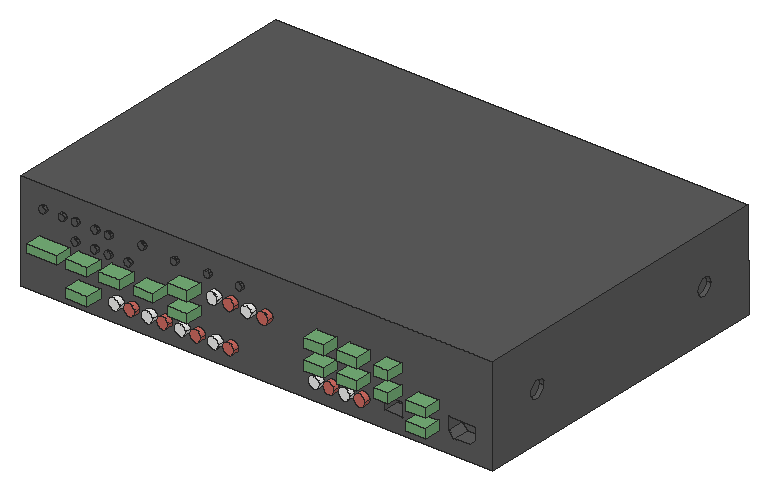
Revit family "Electronics_Commercial-Audio_Biamp_Stereo-Preamplifier_PREZONE-2", category Communication Devices, host Face, Revit 2020
Family settings
  Host = Face
  Maintain Annotation Orientation = No
  Round Connector Dimension = Use Diameter
  Part Type = Normal
  OmniClass Number = 23.85.10.11.14
  OmniClass Title = Audio Equipment
  Cut with Voids When Loaded = No
  Shared = No
  Room Calculation Point = No
Parameters (values of type "PREZONE2")
  Width = 1' - 4.92913"  # constant formula
  Weight = 8.60 lbf  # constant formula
  Voltage = 120 V  # constant formula
  VOX mute = "Yes"  # constant formula
  URL = "https://www.biamp.com/"
  Tone control = "Yes"  # constant formula
  Temperature Range = "32 - 104° F (0 – 40° C)"  # constant formula
  Source selection per zone = "Yes"  # constant formula
  Ref Line Offset [instance] = if(Rack Mount, 0' 9 59/64", 0' 0")  # 0' - 0"
  Rack Mount [instance] = no
  RS232 = "115200/8-N-1"  # constant formula
  Product data url = "https://www.bimobject.com/biamp/product/prezone2_commercial-audio-preamplifier"
  Product Page URL = "https://www.biamp.com/products/product-families/commercial-audio/pre-amplifiers#prezone2"
  Product Documentation Link = "https://downloads.biamp.com/assets/docs/default-source/data-sheets/biamp_data_sheet_prezone2_mar21.pdf"
  Priority intup contact = "Yes"  # constant formula
  Prioriti levels = "4"  # constant formula
  Power Factor = 1  # constant formula
  Music level control = "Yes"  # constant formula
  Model = "PREZONE2"  # constant formula
  Max Power Consumption = 60 W  # constant formula
  Manufacturer = "Biamp"  # constant formula
  MIC level control = "Yes"  # constant formula
  MIC inputs balanced = "2"  # constant formula
  Line input unbalanced = "2"  # constant formula
  Humidity = "0-95% relative humidity (non-condensing)"  # constant formula
  Housing Material = Biamp - Metal - Black
  Height = 0' - 3.50394"  # constant formula
  Frequency response (in Hz) = "20 Hz - 20 kHz"  # constant formula
  Emergency input = "Yes"  # constant formula
  Compliance = "FCC Part 15B (USA)\r\nUL listed (USA and Canada)\r\nCE Marked (Europe)\r\nRoHS Directive (Europe)"  # constant formula
  Colling = "Convection"  # constant formula
  Coasters for surface standing [instance] = not(Rack Mount)  # yes
  Description = "PREZONE2 Stereo Preamplifier"  # constant formula
  Depth = 0' - 11.41732"  # constant formula
  Default Elevation = 4' - 0"
  Connector Description = "250V DC 60W"  # constant formula
  Apparent Load = Max Power Consumption / Power Factor  # 60 VA
  Angle [instance] = if(Rack Mount, 0.00°, 90.00°)  # 90.00°
  Altitude = "0-6,600 ft (0-2000m) MSL"  # constant formula
Reference planes (in)
  plane 1 "Center (Front/Back)": y = 0
  plane 2: z = 0
  plane 3 "Center (Left/Right)": x = 0
Lines and regions (in)
  reference lines
    curve 1: line (0, -6, 0) -> (0, 0, 0)
Dimensions and locks (in)
  "Ref Line Offset": nested 1 to curve 1
  "Angle": angle plane 1 "Center (Front/Back)" to curve 1
  aligned and locked: plane 2 to host face
  aligned and locked: level to host face
  aligned and locked: plane 1 "Center (Front/Back)" to curve 1
Automatic sketch dimensions
  host sketch curve to host sketch curve = 8' - 0"  (x2)
  curve 1 to level = 0' - 0"
Nested families (in)
  nested 1: "PREZONE-2" at (0, -5.7036, 0) x (-1, 0, 0) z (0, 0, 1), Housing Material <- "Housing Material", Rack Mount <- "Rack Mount", Coasters for surface standing <- "Coasters for surface standing", type "PREZONE-2"
    with Rack Mount no, Housing Material Biamp - Metal - Black, Coasters for surface standing yes
Connectors (in)
  electrical at (-4.94979, -11.60911, 1.11241)
    settings: on nested 1, index 20, voltage 0 V, apparent load 0 VA, apparent load phase1 0 VA, apparent load phase2 0 VA, apparent load phase3 0 VA, power factor 1, load classification "Other", number of poles 1, system type 5, power factor state 1, is connector primary yes, connector utility no, sub classification motor no, connector description "MIC A L; Input"
  electrical at (-7.23425, -12.00281, 2.08404)
    settings: on nested 1, index 26, voltage 0 V, apparent load 0 VA, apparent load phase1 0 VA, apparent load phase2 0 VA, apparent load phase3 0 VA, power factor 1, load classification "Other", number of poles 1, system type 5, power factor state 1, is connector primary no, connector utility no, sub classification motor no, connector description "Euroblock Emergency; Input"
  electrical at (-5.97864, -12.00281, 2.08404)
    settings: on nested 1, index 27, voltage 0 V, apparent load 0 VA, apparent load phase1 0 VA, apparent load phase2 0 VA, apparent load phase3 0 VA, power factor 1, load classification "Other", number of poles 1, system type 5, power factor state 1, is connector primary no, connector utility no, sub classification motor no, connector description "Euroblock Paging Mic; Input"
  electrical at (-4.7975, -12.00281, 2.09526)
    settings: on nested 1, index 28, voltage 0 V, apparent load 0 VA, apparent load phase1 0 VA, apparent load phase2 0 VA, apparent load phase3 0 VA, power factor 1, load classification "Other", number of poles 1, system type 5, power factor state 1, is connector primary no, connector utility no, sub classification motor no, connector description "Euroblock MIC A Balanced/RCA; Input"
  electrical at (-3.57874, -12.00281, 2.08404)
    settings: on nested 1, index 29, voltage 0 V, apparent load 0 VA, apparent load phase1 0 VA, apparent load phase2 0 VA, apparent load phase3 0 VA, power factor 1, load classification "Other", number of poles 1, system type 5, power factor state 1, is connector primary no, connector utility no, sub classification motor no, connector description "Euroblock MIC B Balanced/RCA; Input"
  electrical at (-2.36753, -12.00281, 2.57226)
    settings: on nested 1, index 30, voltage 0 V, apparent load 0 VA, apparent load phase1 0 VA, apparent load phase2 0 VA, apparent load phase3 0 VA, power factor 1, load classification "Other", number of poles 1, system type 5, power factor state 1, is connector primary no, connector utility no, sub classification motor no, connector description "Euroblock RCA connectors ; Input"
  electrical at (-2.36753, -12.00281, 1.84834)
    settings: on nested 1, index 31, voltage 0 V, apparent load 0 VA, apparent load phase1 0 VA, apparent load phase2 0 VA, apparent load phase3 0 VA, power factor 1, load classification "Other", number of poles 1, system type 5, power factor state 1, is connector primary no, connector utility no, sub classification motor no, connector description "Euroblock RCA connectors ; Input"
  electrical at (-1.4484, -11.60911, 2.52695)
    settings: on nested 1, index 32, voltage 0 V, apparent load 0 VA, apparent load phase1 0 VA, apparent load phase2 0 VA, apparent load phase3 0 VA, power factor 1, load classification "Other", number of poles 1, system type 5, power factor state 1, is connector primary no, connector utility no, sub classification motor no, connector description "Stereo connectors L; Input"
  electrical at (-0.85785, -11.60911, 2.52695)
    settings: on nested 1, index 33, voltage 0 V, apparent load 0 VA, apparent load phase1 0 VA, apparent load phase2 0 VA, apparent load phase3 0 VA, power factor 1, load classification "Other", number of poles 1, system type 5, power factor state 1, is connector primary no, connector utility no, sub classification motor no, connector description "Stereo connectors R; Input"
  electrical at (0.36943, -11.60911, 2.52695)
    settings: on nested 1, index 35, voltage 0 V, apparent load 0 VA, apparent load phase1 0 VA, apparent load phase2 0 VA, apparent load phase3 0 VA, power factor 1, load classification "Other", number of poles 1, system type 5, power factor state 1, is connector primary no, connector utility no, sub classification motor no, connector description "Stereo connectors R; Input"
  electrical at (-0.22112, -11.60911, 2.52695)
    settings: on nested 1, index 36, voltage 0 V, apparent load 0 VA, apparent load phase1 0 VA, apparent load phase2 0 VA, apparent load phase3 0 VA, power factor 1, load classification "Other", number of poles 1, system type 5, power factor state 1, is connector primary no, connector utility no, sub classification motor no, connector description "Stereo connectors L; Input"
  electrical at (-5.97864, -12.00281, 1.14428)
    settings: on nested 1, index 37, voltage 0 V, apparent load 0 VA, apparent load phase1 0 VA, apparent load phase2 0 VA, apparent load phase3 0 VA, power factor 1, load classification "Other", number of poles 1, system type 5, power factor state 1, is connector primary no, connector utility no, sub classification motor no, connector description "Euroblock Paging Mic; Input"
  electrical at (2.21064, -11.60911, 1.11241)
    settings: on nested 1, index 38, voltage 0 V, apparent load 0 VA, apparent load phase1 0 VA, apparent load phase2 0 VA, apparent load phase3 0 VA, power factor 1, load classification "Other", number of poles 1, system type 5, power factor state 1, is connector primary no, connector utility no, sub classification motor no, connector description "Mono/stereo L; Output"
  electrical at (2.73635, -11.60911, 1.11241)
    settings: on nested 1, index 39, voltage 0 V, apparent load 0 VA, apparent load phase1 0 VA, apparent load phase2 0 VA, apparent load phase3 0 VA, power factor 1, load classification "Other", number of poles 1, system type 5, power factor state 1, is connector primary no, connector utility no, sub classification motor no, connector description "Mono/stereo R; Output"
  electrical at (2.51056, -12.00281, 1.82373)
    settings: on nested 1, index 40, voltage 0 V, apparent load 0 VA, apparent load phase1 0 VA, apparent load phase2 0 VA, apparent load phase3 0 VA, power factor 1, load classification "Other", number of poles 1, system type 5, power factor state 1, is connector primary no, connector utility no, sub classification motor no, connector description "Euroblock Mono/stereo; Output"
  electrical at (2.51056, -12.00281, 2.54766)
    settings: on nested 1, index 41, voltage 0 V, apparent load 0 VA, apparent load phase1 0 VA, apparent load phase2 0 VA, apparent load phase3 0 VA, power factor 1, load classification "Other", number of poles 1, system type 5, power factor state 1, is connector primary no, connector utility no, sub classification motor no, connector description "Euroblock Mono/stereo; Output"
  electrical at (3.69167, -12.00281, 2.54766)
    settings: on nested 1, index 42, voltage 0 V, apparent load 0 VA, apparent load phase1 0 VA, apparent load phase2 0 VA, apparent load phase3 0 VA, power factor 1, load classification "Other", number of poles 1, system type 5, power factor state 1, is connector primary no, connector utility no, sub classification motor no, connector description "Euroblock Mono/stereo; Output"
  electrical at (4.92475, -12.00281, 2.54766)
    settings: on nested 1, index 43, voltage 0 V, apparent load 0 VA, apparent load phase1 0 VA, apparent load phase2 0 VA, apparent load phase3 0 VA, power factor 1, load classification "Other", number of poles 1, system type 5, power factor state 1, is connector primary no, connector utility no, sub classification motor no, connector description "Euroblock DIWAC/D-DIWAC wall panels"
  electrical at (4.92475, -12.00281, 1.82373)
    settings: on nested 1, index 44, voltage 0 V, apparent load 0 VA, apparent load phase1 0 VA, apparent load phase2 0 VA, apparent load phase3 0 VA, power factor 1, load classification "Other", number of poles 1, system type 5, power factor state 1, is connector primary no, connector utility no, sub classification motor no, connector description "Euroblock DIWAC/D-DIWAC wall panels"
  electrical at (3.69167, -12.00281, 1.82373)
    settings: on nested 1, index 45, voltage 0 V, apparent load 0 VA, apparent load phase1 0 VA, apparent load phase2 0 VA, apparent load phase3 0 VA, power factor 1, load classification "Other", number of poles 1, system type 5, power factor state 1, is connector primary no, connector utility no, sub classification motor no, connector description "Euroblock Mono/stereo; Output"
  electrical at (4.90688, -11.41226, 1.21489)
    settings: on nested 1, index 46, voltage 0 V, apparent load 0 VA, apparent load phase1 0 VA, apparent load phase2 0 VA, apparent load phase3 0 VA, power factor 1, load classification "Other", number of poles 1, system type 5, power factor state 1, is connector primary no, connector utility no, sub classification motor no, connector description "RJ45, Internet connector"
  electrical at (6.16352, -12.00281, 1.82373)
    settings: on nested 1, index 47, voltage 0 V, apparent load 0 VA, apparent load phase1 0 VA, apparent load phase2 0 VA, apparent load phase3 0 VA, power factor 1, load classification "Other", number of poles 1, system type 5, power factor state 1, is connector primary no, connector utility no, sub classification motor no, connector description "Euroblock RS232, Connector"
  electrical at (6.16352, -12.00281, 1.1614)
    settings: on nested 1, index 48, voltage 0 V, apparent load 0 VA, apparent load phase1 0 VA, apparent load phase2 0 VA, apparent load phase3 0 VA, power factor 1, load classification "Other", number of poles 1, system type 5, power factor state 1, is connector primary no, connector utility no, sub classification motor no, connector description "Euroblock RS232, Connector"
  electrical at (7.36389, -11.41226, 1.22858), driven by "Connector Description", driven by "Apparent Load", driven by "Voltage", driven by "Apparent Load", driven by "Power Factor"
    settings: on nested 1, index 49, voltage 120 V, apparent load 60 VA, apparent load phase1 60 VA, apparent load phase2 0 VA, apparent load phase3 0 VA, power factor 1, load classification "Other", number of poles 1, system type 30, power factor state 1, is connector primary no, connector utility no, sub classification motor no, connector description "250V DC 60W"
  electrical at (3.84195, -11.60911, 1.11241)
    settings: on nested 1, index 50, voltage 0 V, apparent load 0 VA, apparent load phase1 0 VA, apparent load phase2 0 VA, apparent load phase3 0 VA, power factor 1, load classification "Other", number of poles 1, system type 5, power factor state 1, is connector primary no, connector utility no, sub classification motor no, connector description "Mono/stereo R; Output"
  electrical at (3.29332, -11.60911, 1.11241)
    settings: on nested 1, index 51, voltage 0 V, apparent load 0 VA, apparent load phase1 0 VA, apparent load phase2 0 VA, apparent load phase3 0 VA, power factor 1, load classification "Other", number of poles 1, system type 5, power factor state 1, is connector primary no, connector utility no, sub classification motor no, connector description "Mono/stereo L; Output"
  electrical at (-0.85785, -11.60911, 1.11241)
    settings: on nested 1, index 52, voltage 0 V, apparent load 0 VA, apparent load phase1 0 VA, apparent load phase2 0 VA, apparent load phase3 0 VA, power factor 1, load classification "Other", number of poles 1, system type 5, power factor state 1, is connector primary no, connector utility no, sub classification motor no, connector description "Stereo connectors R; Input"
  electrical at (-1.40648, -11.60911, 1.11241)
    settings: on nested 1, index 53, voltage 0 V, apparent load 0 VA, apparent load phase1 0 VA, apparent load phase2 0 VA, apparent load phase3 0 VA, power factor 1, load classification "Other", number of poles 1, system type 5, power factor state 1, is connector primary no, connector utility no, sub classification motor no, connector description "Stereo connectors L; Input"
  electrical at (-2.03895, -11.60911, 1.11241)
    settings: on nested 1, index 54, voltage 0 V, apparent load 0 VA, apparent load phase1 0 VA, apparent load phase2 0 VA, apparent load phase3 0 VA, power factor 1, load classification "Other", number of poles 1, system type 5, power factor state 1, is connector primary no, connector utility no, sub classification motor no, connector description "RCA connectors R; Input"
  electrical at (-2.58759, -11.60911, 1.11241)
    settings: on nested 1, index 55, voltage 0 V, apparent load 0 VA, apparent load phase1 0 VA, apparent load phase2 0 VA, apparent load phase3 0 VA, power factor 1, load classification "Other", number of poles 1, system type 5, power factor state 1, is connector primary no, connector utility no, sub classification motor no, connector description "RCA connectors L; Input"
  electrical at (-3.22006, -11.60911, 1.11241)
    settings: on nested 1, index 56, voltage 0 V, apparent load 0 VA, apparent load phase1 0 VA, apparent load phase2 0 VA, apparent load phase3 0 VA, power factor 1, load classification "Other", number of poles 1, system type 5, power factor state 1, is connector primary no, connector utility no, sub classification motor no, connector description "MIC B R; Input"
  electrical at (-3.76869, -11.60911, 1.11241)
    settings: on nested 1, index 57, voltage 0 V, apparent load 0 VA, apparent load phase1 0 VA, apparent load phase2 0 VA, apparent load phase3 0 VA, power factor 1, load classification "Other", number of poles 1, system type 5, power factor state 1, is connector primary no, connector utility no, sub classification motor no, connector description "MIC B L; Input"
  electrical at (-4.40116, -11.60911, 1.11241)
    settings: on nested 1, index 58, voltage 0 V, apparent load 0 VA, apparent load phase1 0 VA, apparent load phase2 0 VA, apparent load phase3 0 VA, power factor 1, load classification "Other", number of poles 1, system type 5, power factor state 1, is connector primary no, connector utility no, sub classification motor no, connector description "MIC A R; Input"
Definition of nested family "PREZONE-2"
  Parameters (values of type "PREZONE-2")
    URL = "https://www.biamp.com/"
    Temperature Range = ""
    Rack Mount [instance] = no
    Product data url = ""
    Product Page URL = ""
    Product Documentation Link = ""
    Manufacturer = "Biamp"  # constant formula
    Humidity = ""
    Housing Material [instance] = none
    Coasters for surface standing [instance] = no
    Default Elevation = 4' - 0"
    Altitude = ""
  Reference planes (in)
    plane 1 "Center (Front/Back)": y = 0
    plane 2: z = 0
    plane 3 "Center (Left/Right)": x = 0
    plane 4: y = -5.7036
  Forms (in)
    Extrusion 1, solid
      sketch origin (0, 0, 0) x (1, 0, 0) y (0, 1, 0)
        loop
          line (-48, 48) -> (-48, -48) -> (48, -48) -> (48, 48) -> (-48, 48)
      from 0 to -12
    Extrusion 2, solid, detail levels medium+fine
      sketch origin (0, 0, 0) x (1, 0, 0) y (0, 1, 0)
        loop
          line (8.46457, 5.70866) -> (-8.46457, 5.70866) -> (-8.46457, -5.70866) -> (8.46457, -5.70866) -> (8.46457, 5.70866)
      from 0.3937 to 3.89764
    Extrusion 3, solid, visible <- "Coasters for surface standing"
      sketch origin (0, 0, 0) x (1, 0, 0) y (0, 1, 0)
        loop
          circle (-6.49606, -3.74016) r 0.3937
        loop
          circle (6.49606, -3.74016) r 0.3937
        loop
          circle (-6.49606, 3.74016) r 0.3937
        loop
          circle (6.49606, 3.74016) r 0.3937
      from 0 to 0.3937
    Extrusion 4, void
      sketch origin (8.46457, 5.70866, 0) x (0, 1, 0) y (0, 0, -1)
        loop
          circle (-1.96292, -2.14567) r 0.31496
        loop
          circle (-9.4544, -2.14567) r 0.31496
      from 0 to 0.19685
    Extrusion 5, void
      sketch origin (8.46457, 5.70866, 0) x (0, 1, 0) y (0, 0, -1)
        loop
          circle (-1.9685, -2.14567) r 0.31496
        loop
          circle (-9.44882, -2.14567) r 0.31496
      from 16.73228 to 16.92913
    Extrusion 6, void
      sketch origin (0, 0, 0) x (1, 0, 0) y (0, 1, 0)
        loop
          line (-6.6437, -4.92126) -> (-6.6437, -5.70866) -> (7.77559, -5.70866) -> (7.77559, -4.92126) -> (4.52756, -4.92126) -> (4.13386, -5.31496) -> (-3.93701, -5.31496) -> (-4.33071, -4.92126) -> (-6.6437, -4.92126)
      from 0.73344 to 3.21702
    Extrusion 7, solid, detail levels medium+fine
      sketch origin (14.73228, -5.70866, 0) x (-1, 0, 0) y (0, 0, -1)
        loop
          circle (22.31102, -2.14567) r 0.31496
      from 0 to 0.11811
    Extrusion 8, solid, detail levels medium+fine
      sketch origin (0, 0, 0) x (1, 0, 0) y (0, 0, 1)
        loop
          circle (-5.69337, 2.5429) r 0.30291
        loop
          circle (-5.69337, 1.437) r 0.30291
        loop
          circle (5.89022, 2.5429) r 0.30291
        loop
          circle (5.89022, 1.437) r 0.30291
      from 4.92126 to 5.31496
    Extrusion 9, solid, detail levels medium+fine
      sketch origin (0, 0, 0) x (1, 0, 0) y (0, 0, 1)
        loop
          circle (2.31394, 1.99014) r 0.47244
        loop
          circle (-2.31394, 1.99014) r 0.47244
      from 5.31496 to 5.70866
    Extrusion 10, solid, detail levels medium+fine
      sketch origin (0, 0, 0) x (1, 0, 0) y (0, 0, 1)
        loop
          arc (-0.96594, 2.3301) -> (-1.05075, 2.2082) -> (-0.96594, 2.08631) r 0.13
          line (-0.96594, 2.08631) -> (-0.56962, 2.08631)
          arc (-0.56962, 2.08631) -> (-0.48481, 2.2082) -> (-0.56962, 2.3301) r 0.13
          line (-0.56962, 2.3301) -> (-0.96594, 2.3301)
        loop
          arc (-0.96594, 1.87448) -> (-1.05075, 1.75259) -> (-0.96594, 1.63069) r 0.13
          line (-0.96594, 1.63069) -> (-0.56962, 1.63069)
          arc (-0.56962, 1.63069) -> (-0.48481, 1.75259) -> (-0.56962, 1.87448) r 0.13
          line (-0.56962, 1.87448) -> (-0.96594, 1.87448)
        loop
          arc (-0.96594, 1.3925) -> (-1.05075, 1.27061) -> (-0.96594, 1.14872) r 0.13
          line (-0.96594, 1.14872) -> (-0.56962, 1.14872)
          arc (-0.56962, 1.14872) -> (-0.48481, 1.27061) -> (-0.56962, 1.3925) r 0.13
          line (-0.56962, 1.3925) -> (-0.96594, 1.3925)
        loop
          arc (-3.43887, 1.3925) -> (-3.52368, 1.27061) -> (-3.43887, 1.14872) r 0.13
          line (-3.43887, 1.14872) -> (-3.05486, 1.14872)
          arc (-3.05486, 1.14872) -> (-2.97004, 1.27061) -> (-3.05486, 1.3925) r 0.13
          line (-3.05486, 1.3925) -> (-3.43887, 1.3925)
      from 5.31496 to 5.3937
    Extrusion 11, void
      sketch origin (0, 0, 0) x (1, 0, 0) y (0, 0, 1)
        loop
          line (-6.87176, 1.60558) -> (-7.85601, 1.60558) -> (-7.85601, 1.1385) -> (-7.65916, 0.94165) -> (-7.06861, 0.94165) -> (-6.87176, 1.1385) -> (-6.87176, 1.60558)
      from -5.70866 to -5.11811
    Extrusion 12, solid, detail levels medium+fine
      sketch origin (8.26646, 0, -0.52008) x (1, 0, 0) y (0, 0, 1)
        loop
          line (-3.08703, 2.77615) -> (-3.85089, 2.77615) -> (-3.85089, 2.45453) -> (-3.08703, 2.45453) -> (-3.08703, 2.77615)
      from -6.29921 to -5.70866
    Extrusion 13, solid, detail levels medium+fine
      sketch origin (9.44756, 0, -0.52008) x (1, 0, 0) y (0, 0, 1)
        loop
          line (-3.08696, 2.75371) -> (-3.85089, 2.75371) -> (-3.85089, 2.45453) -> (-3.08696, 2.45453) -> (-3.08696, 2.75371)
      from -6.29921 to -5.70866
    Extrusion 14, solid, detail levels medium+fine
      sketch origin (10.62866, 0, -0.52008) x (1, 0, 0) y (0, 0, 1)
        loop
          line (-2.85307, 2.75371) -> (-3.93575, 2.75371) -> (-3.93575, 2.45453) -> (-2.85307, 2.45453) -> (-2.85307, 2.75371)
      from -6.29921 to -5.70866
    Extrusion 15, solid, detail levels medium+fine
      sketch origin (0, 0, 0) x (1, 0, 0) y (0, 0, 1)
        loop
          circle (4.94979, 1.11241) r 0.19685
        loop
          circle (3.76869, 1.11241) r 0.19685
        loop
          circle (2.58759, 1.11241) r 0.19685
        loop
          circle (1.40648, 1.11241) r 0.19685
        loop
          circle (-3.29332, 1.11241) r 0.19685
        loop
          circle (-2.21064, 1.11241) r 0.19685
        loop
          circle (1.4484, 2.52695) r 0.19685
        loop
          circle (0.22112, 2.52695) r 0.19685
      from -5.90551 to -5.70866
    Extrusion 16, solid, detail levels medium+fine
      sketch origin (0, 0, 0) x (1, 0, 0) y (0, 0, 1)
        loop
          circle (4.40116, 1.11241) r 0.19685
        loop
          circle (3.22006, 1.11241) r 0.19685
        loop
          circle (2.03895, 1.11241) r 0.19685
        loop
          circle (0.85785, 1.11241) r 0.19685
        loop
          circle (-3.84195, 1.11241) r 0.19685
        loop
          circle (-2.73635, 1.11241) r 0.19685
        loop
          circle (0.85785, 2.52695) r 0.19685
        loop
          circle (-0.36943, 2.52695) r 0.19685
      from -5.90551 to -5.70866
    Extrusion 17, solid, detail levels coarse
      sketch origin (0, 0, 3.89764) x (1, 0, 0) y (0, 1, 0)
        loop
          line (-8.46457, 5.70866) -> (-8.46457, -5.70866) -> (8.46457, -5.70866) -> (8.46457, 5.70866) -> (-8.46457, 5.70866)
      from -3.50394 to 0
    Extrusion 18, solid, visible <- "Rack Mount"
      sketch origin (0, 0, 0.3937) x (1, 0, 0) y (0, 1, 0)
        loop
          line (-8.46457, -4.75366) -> (-8.56917, -4.75366) -> (-8.56917, -5.7036)
          arc (-8.56917, -5.7036) -> (-8.58383, -5.739) -> (-8.61923, -5.75366) r 0.05006
          line (-8.61923, -5.75366) -> (-10.23622, -5.75366) -> (-10.23622, -5.85826) -> (-8.61923, -5.85826)
          arc (-8.61923, -5.85826) -> (-8.50987, -5.81296) -> (-8.46457, -5.7036) r 0.15466
          line (-8.46457, -5.7036) -> (-8.46457, -4.75366)
        loop
          line (8.46457, -4.75366) -> (8.46457, -5.7036)
          arc (8.46457, -5.7036) -> (8.50987, -5.81296) -> (8.61923, -5.85826) r 0.15466
          line (8.61923, -5.85826) -> (10.23622, -5.85826) -> (10.23622, -5.75366) -> (8.61923, -5.75366)
          arc (8.61923, -5.75366) -> (8.58383, -5.739) -> (8.56917, -5.7036) r 0.05006
          line (8.56917, -5.7036) -> (8.56917, -4.75366) -> (8.46457, -4.75366)
      from 0 to 3.50689
    Extrusion 19, void
      sketch origin (-9.2371, -5.85826, 0.3937) x (-1, 0, 0) y (0, 0, 1)
        loop
          line (0.60694, 3.12289) -> (0.74494, 3.12289)
          arc (0.74494, 3.12289) -> (0.87894, 3.25689) -> (0.74494, 3.39089) r 0.134
          line (0.74494, 3.39089) -> (0.60694, 3.39089)
          arc (0.60694, 3.39089) -> (0.47294, 3.25689) -> (0.60694, 3.12289) r 0.134
        loop
          line (0.74494, 0.384) -> (0.60694, 0.384)
          arc (0.60694, 0.384) -> (0.47294, 0.25) -> (0.60694, 0.116) r 0.134
          line (0.60694, 0.116) -> (0.74494, 0.116)
          arc (0.74494, 0.116) -> (0.87894, 0.25) -> (0.74494, 0.384) r 0.134
        loop
          arc (-19.08113, 3.12289) -> (-18.94713, 3.25689) -> (-19.08113, 3.39089) r 0.134
          line (-19.08113, 3.39089) -> (-19.21913, 3.39089)
          arc (-19.21913, 3.39089) -> (-19.35313, 3.25689) -> (-19.21913, 3.12289) r 0.134
          line (-19.21913, 3.12289) -> (-19.08113, 3.12289)
        loop
          arc (-19.21913, 0.384) -> (-19.35313, 0.25) -> (-19.21913, 0.116) r 0.134
          line (-19.21913, 0.116) -> (-19.08113, 0.116)
          arc (-19.08113, 0.116) -> (-18.94713, 0.25) -> (-19.08113, 0.384) r 0.134
          line (-19.08113, 0.384) -> (-19.21913, 0.384)
      from 0 to 0.1046
    Extrusion 20, solid, detail levels medium+fine
      sketch origin (0, 0, 0) x (1, 0, 0) y (0, 0, 1)
        loop
          arc (-0.96594, 2.79917) -> (-1.05075, 2.67728) -> (-0.96594, 2.55538) r 0.13
          line (-0.96594, 2.55538) -> (-0.56962, 2.55538)
          arc (-0.56962, 2.55538) -> (-0.48481, 2.67728) -> (-0.56962, 2.79917) r 0.13
          line (-0.56962, 2.79917) -> (-0.96594, 2.79917)
        loop
          line (-3.43887, 2.55538) -> (-3.05486, 2.55538)
          arc (-3.05486, 2.55538) -> (-2.97004, 2.67728) -> (-3.05486, 2.79917) r 0.13
          line (-3.05486, 2.79917) -> (-3.43887, 2.79917)
          arc (-3.43887, 2.79917) -> (-3.52368, 2.67728) -> (-3.43887, 2.55538) r 0.13
      from 5.31496 to 5.3937
    Extrusion 21, solid, detail levels medium+fine
      sketch origin (0, 0, 0) x (-1, 0, 0) y (0, 0, -1)
        loop
          line (-0.96594, -2.3301) -> (-0.56962, -2.3301)
          arc (-0.56962, -2.3301) -> (-0.48481, -2.2082) -> (-0.56962, -2.08631) r 0.13
          line (-0.56962, -2.08631) -> (-0.96594, -2.08631)
          arc (-0.96594, -2.08631) -> (-1.05075, -2.2082) -> (-0.96594, -2.3301) r 0.13
        loop
          line (-0.96594, -1.3925) -> (-0.56962, -1.3925)
          arc (-0.56962, -1.3925) -> (-0.48481, -1.27061) -> (-0.56962, -1.14872) r 0.13
          line (-0.56962, -1.14872) -> (-0.96594, -1.14872)
          arc (-0.96594, -1.14872) -> (-1.05075, -1.27061) -> (-0.96594, -1.3925) r 0.13
        loop
          line (-3.43887, -1.3925) -> (-3.05486, -1.3925)
          arc (-3.05486, -1.3925) -> (-2.97004, -1.27061) -> (-3.05486, -1.14872) r 0.13
          line (-3.05486, -1.14872) -> (-3.43887, -1.14872)
          arc (-3.43887, -1.14872) -> (-3.52368, -1.27061) -> (-3.43887, -1.3925) r 0.13
        loop
          line (-0.56962, -2.55538) -> (-0.96594, -2.55538)
          arc (-0.96594, -2.55538) -> (-1.05075, -2.67728) -> (-0.96594, -2.79917) r 0.13
          line (-0.96594, -2.79917) -> (-0.56962, -2.79917)
          arc (-0.56962, -2.79917) -> (-0.48481, -2.67728) -> (-0.56962, -2.55538) r 0.13
      from 5.31496 to 5.3937
    Extrusion 22, solid, detail levels medium+fine
      sketch origin (0, 0, 0) x (-1, 0, 0) y (0, 0, -1)
        loop
          arc (-3.43887, -2.55538) -> (-3.52368, -2.67728) -> (-3.43887, -2.79917) r 0.13
          line (-3.43887, -2.79917) -> (-3.05486, -2.79917)
          arc (-3.05486, -2.79917) -> (-2.97004, -2.67728) -> (-3.05486, -2.55538) r 0.13
          line (-3.05486, -2.55538) -> (-3.43887, -2.55538)
        loop
          line (-0.56962, -1.63069) -> (-0.96594, -1.63069)
          arc (-0.96594, -1.63069) -> (-1.05075, -1.75259) -> (-0.96594, -1.87448) r 0.13
          line (-0.96594, -1.87448) -> (-0.56962, -1.87448)
          arc (-0.56962, -1.87448) -> (-0.48481, -1.75259) -> (-0.56962, -1.63069) r 0.13
      from 5.31496 to 5.3937
    Extrusion 23, solid, detail levels medium+fine
      sketch origin (9.44756, 0, -1.50433) x (1, 0, 0) y (0, 0, 1)
        loop
          line (-3.08696, 2.80865) -> (-3.85089, 2.80865) -> (-3.85089, 2.48858) -> (-3.08696, 2.48858) -> (-3.08696, 2.80865)
      from -6.29921 to -5.70866
    Extrusion 24, solid, detail levels medium+fine
      sketch origin (7.08535, 0, -0.52008) x (1, 0, 0) y (0, 0, 1)
        loop
          line (-3.16234, 2.75371) -> (-3.85089, 2.75371) -> (-3.85089, 2.45453) -> (-3.16234, 2.45453) -> (-3.16234, 2.75371)
      from -6.29921 to -5.70866
    Extrusion 25, solid, detail levels medium+fine
      sketch origin (5.80733, 0, -0.76614) x (1, 0, 0) y (0, 0, 1)
        loop
          line (-3.08703, 2.78321) -> (-3.79257, 2.78321) -> (-3.79257, 2.44575) -> (-3.08703, 2.44575) -> (-3.08703, 2.78321)
      from -6.29921 to -5.70866
    Extrusion 26, solid, detail levels medium+fine
      sketch origin (5.80733, 0, -0.04222) x (1, 0, 0) y (0, 0, 1)
        loop
          line (-3.08703, 2.78321) -> (-3.79257, 2.78321) -> (-3.79257, 2.44575) -> (-3.08703, 2.44575) -> (-3.08703, 2.78321)
      from -6.29921 to -5.70866
    Extrusion 27, solid, detail levels medium+fine
      sketch origin (0.92924, 0, -0.79075) x (1, 0, 0) y (0, 0, 1)
        loop
          line (-3.08703, 2.78321) -> (-3.79257, 2.78321) -> (-3.79257, 2.44575) -> (-3.08703, 2.44575) -> (-3.08703, 2.78321)
      from -6.29921 to -5.70866
    Extrusion 28, solid, detail levels medium+fine
      sketch origin (0.92924, 0, -0.06682) x (1, 0, 0) y (0, 0, 1)
        loop
          line (-3.08703, 2.78321) -> (-3.79257, 2.78321) -> (-3.79257, 2.44575) -> (-3.08703, 2.44575) -> (-3.08703, 2.78321)
      from -6.29921 to -5.70866
    Extrusion 29, solid, detail levels medium+fine
      sketch origin (-0.25187, 0, -0.79075) x (1, 0, 0) y (0, 0, 1)
        loop
          line (-3.08703, 2.78321) -> (-3.79257, 2.78321) -> (-3.79257, 2.44575) -> (-3.08703, 2.44575) -> (-3.08703, 2.78321)
      from -6.29921 to -5.70866
    Extrusion 30, solid, detail levels medium+fine
      sketch origin (-0.25187, 0, -0.06682) x (1, 0, 0) y (0, 0, 1)
        loop
          line (-3.08703, 2.78321) -> (-3.79257, 2.78321) -> (-3.79257, 2.44575) -> (-3.08703, 2.44575) -> (-3.08703, 2.78321)
      from -6.29921 to -5.70866
    Extrusion 31, solid, detail levels medium+fine
      sketch origin (-2.72372, 0, -1.45308) x (1, 0, 0) y (0, 0, 1)
        loop
          line (-3.08703, 2.78321) -> (-3.79257, 2.78321) -> (-3.79257, 2.44575) -> (-3.08703, 2.44575) -> (-3.08703, 2.78321)
      from -6.29921 to -5.70866
    Extrusion 32, solid, detail levels medium+fine
      sketch origin (-2.72372, 0, -0.72915) x (1, 0, 0) y (0, 0, 1)
        loop
          line (-3.08703, 2.72162) -> (-3.79257, 2.72162) -> (-3.79257, 2.38415) -> (-3.08703, 2.38415) -> (-3.08703, 2.72162)
      from -6.29921 to -5.70866
    Extrusion 33, void
      sketch origin (-9.2371, -5.85826, 3.89764) x (1, 0, 0) y (0, 0, 1)
        loop
          line (4.66306, -2.43592) -> (3.99737, -2.43592) -> (3.99737, -2.92957) -> (4.66306, -2.92957) -> (4.66306, -2.43592)
      from -11.56692 to -10.97637
    Extrusion 34, solid, detail levels medium+fine
      sketch origin (-1.48495, 0, -0.79075) x (1, 0, 0) y (0, 0, 1)
        loop
          line (-3.18596, 2.78321) -> (-3.69364, 2.78321) -> (-3.69364, 2.44575) -> (-3.18596, 2.44575) -> (-3.18596, 2.78321)
      from -6.29921 to -5.70866
    Extrusion 35, solid, detail levels medium+fine
      sketch origin (-1.48495, 0, -0.06682) x (1, 0, 0) y (0, 0, 1)
        loop
          line (-3.18596, 2.78321) -> (-3.69364, 2.78321) -> (-3.69364, 2.44575) -> (-3.18596, 2.44575) -> (-3.18596, 2.78321)
      from -6.29921 to -5.70866
    Extrusion 36, solid, detail levels medium+fine
      sketch origin (-8.46457, 5.70866, 3.89764) x (1, 0, 0) y (0, 0, -1)
        loop
          circle (16.07791, 0.74209) r 0.11811
        loop
          circle (15.38713, 0.74209) r 0.11811
        loop
          circle (14.91874, 0.74209) r 0.11811
        loop
          circle (14.20884, 0.74209) r 0.11811
        loop
          circle (13.72987, 0.74209) r 0.11811
        loop
          circle (12.53234, 0.66096) r 0.11811
        loop
          circle (11.36767, 0.74209) r 0.11811
        loop
          circle (10.18657, 0.74209) r 0.11811
        loop
          circle (9.04283, 0.74209) r 0.11811
        loop
          circle (13.03074, 1.37371) r 0.11811
        loop
          circle (13.74204, 1.37371) r 0.11811
        loop
          circle (14.23384, 1.37371) r 0.11811
        loop
          circle (14.92235, 1.37371) r 0.11811
      from 0 to 0.07874
  Cuts and joins
    Extrusion 4, Extrusion 5, Extrusion 6, Extrusion 11, Extrusion 33 cuts Extrusion 2
    Extrusion 19 cuts Extrusion 18
  Lines and regions (in)
    Masking region 1
      outline origin (0, 0, 0) x (1, 0, 0) y (0, 0, 1)
        loop
          line (-8.46457, 3.89764) -> (-8.46457, 0.3937) -> (0.2034, 0.3937) -> (8.46457, 0.3937) -> (8.46457, 3.89764) -> (-8.46457, 3.89764)
    Masking region 2, detail levels medium+fine
      outline origin (0, 0, 0) x (1, 0, 0) y (0, 0, 1)
        loop
          line (-6.6437, 3.21702) -> (-6.6437, 0.73344) -> (7.77559, 0.73344) -> (7.77559, 3.21702) -> (-6.6437, 3.21702)
    Masking region 3
      outline origin (0, 0, 0) x (1, 0, 0) y (0, 1, 0)
        loop
          line (-8.46457, 5.70866) -> (-8.46457, -5.70866) -> (8.46457, -5.70866) -> (8.46457, 5.70866) -> (-8.46457, 5.70866)
    Masking region 4, detail levels medium+fine
      outline origin (0, 0, 0) x (1, 0, 0) y (0, 1, 0)
        loop
          line (-6.24845, 6.29921) -> (-6.24845, 5.70866) -> (-5.68144, 5.70866) -> (-5.68144, 6.29921) -> (-6.24845, 6.29921)
        loop
          line (-3.85089, 6.29921) -> (-3.85089, 5.70866) -> (-3.28388, 5.70866) -> (-3.28388, 6.29921) -> (-3.85089, 6.29921)
        loop
          line (4.41557, 6.29921) -> (4.41557, 5.70866) -> (4.98258, 5.70866) -> (4.98258, 6.29921) -> (4.41557, 6.29921)
        loop
          line (5.59667, 6.29921) -> (5.59667, 5.70866) -> (6.16368, 5.70866) -> (6.16368, 6.29921) -> (5.59667, 6.29921)
        loop
          line (6.5323, 6.29921) -> (6.5323, 5.70866) -> (7.48715, 5.70866) -> (7.48715, 6.29921) -> (6.5323, 6.29921)
        loop
          line (-7.8937, -5.70866) -> (-7.8937, -5.82677) -> (-7.26378, -5.82677) -> (-7.26378, -5.70866) -> (-7.8937, -5.70866)
    Masking region 5
      outline origin (0, 0, 0) x (0, 1, 0) y (0, 0, 1)
        loop
          line (-5.70866, 3.89764) -> (-5.70866, 0.3937) -> (-4.63517, 0.3937) -> (4.61416, 0.3937) -> (5.70866, 0.3937) -> (5.70866, 3.89764) -> (-5.70866, 3.89764)
    Masking region 6, detail levels medium+fine
      outline origin (0, 0, 0) x (0, 1, 0) y (0, 0, 1)
        loop
          line (-5.82677, 2.46063) -> (-5.82677, 1.83071) -> (-5.70866, 1.83071) -> (-5.70866, 2.46063) -> (-5.82677, 2.46063)
        loop
          line (5.70866, 2.9664) -> (5.70866, 2.44632) -> (6.29921, 2.44632) -> (6.29921, 2.9664) -> (5.70866, 2.9664)
    Masking region 7, detail levels medium+fine
      outline origin (0, 0, 0) x (0, 1, 0) y (0, 0, 1)
        loop
          line (6.29921, 2.44632) -> (5.70866, 2.44632) -> (5.70866, 1.83849) -> (6.29921, 1.83849) -> (6.29921, 2.44632)
    Masking region 8, detail levels medium+fine
      outline origin (0, 0, 0) x (0, 1, 0) y (0, 0, 1)
        loop
          line (6.29921, 1.57117) -> (6.29921, 2.179) -> (5.70866, 2.179) -> (5.70866, 1.57117) -> (6.29921, 1.57117)
    Masking region 9, visible <- "Coasters for surface standing"
      outline origin (0, 0, 0) x (0, 1, 0) y (0, 0, 1)
        loop
          line (4.13386, 0.3937) -> (3.34646, 0.3937) -> (3.34646, 0) -> (4.13386, 0) -> (4.13386, 0.3937)
        loop
          line (-3.34646, 0.3937) -> (-4.13386, 0.3937) -> (-4.13386, 0) -> (-3.34646, 0) -> (-3.34646, 0.3937)
    Masking region 10, visible <- "Rack Mount"
      outline origin (0, 0, 0) x (1, 0, 0) y (0, 0, 1)
        loop
          line (-8.46457, 3.90059) -> (-10.23622, 3.90059) -> (-10.23622, 0.3937) -> (-8.46457, 0.3937) -> (-8.46457, 3.90059)
        loop
          line (10.23622, 3.90059) -> (8.46457, 3.90059) -> (8.46457, 0.3937) -> (10.23622, 0.3937) -> (10.23622, 3.90059)
        loop
          line (9.84403, 3.51659) -> (9.98203, 3.51659)
          arc (9.98203, 3.51659) -> (10.11603, 3.65059) -> (9.98203, 3.78459) r 0.134
          line (9.98203, 3.78459) -> (9.84403, 3.78459)
          arc (9.84403, 3.78459) -> (9.71003, 3.65059) -> (9.84403, 3.51659) r 0.134
        loop
          line (9.84403, 0.5097) -> (9.98203, 0.5097)
          arc (9.98203, 0.5097) -> (10.11603, 0.6437) -> (9.98203, 0.7777) r 0.134
          line (9.98203, 0.7777) -> (9.84403, 0.7777)
          arc (9.84403, 0.7777) -> (9.71003, 0.6437) -> (9.84403, 0.5097) r 0.134
        loop
          line (-9.98203, 3.51659) -> (-9.84403, 3.51659)
          arc (-9.84403, 3.51659) -> (-9.71003, 3.65059) -> (-9.84403, 3.78459) r 0.134
          line (-9.84403, 3.78459) -> (-9.98203, 3.78459)
          arc (-9.98203, 3.78459) -> (-10.11603, 3.65059) -> (-9.98203, 3.51659) r 0.134
        loop
          line (-9.84403, 0.7777) -> (-9.98203, 0.7777)
          arc (-9.98203, 0.7777) -> (-10.11603, 0.6437) -> (-9.98203, 0.5097) r 0.134
          line (-9.98203, 0.5097) -> (-9.84403, 0.5097)
          arc (-9.84403, 0.5097) -> (-9.71003, 0.6437) -> (-9.84403, 0.7777) r 0.134
    Masking region 11, visible <- "Coasters for surface standing"
      outline origin (0, 0, 0) x (1, 0, 0) y (0, 0, 1)
        loop
          line (6.88976, 0.3937) -> (6.10236, 0.3937) -> (6.10236, 0) -> (6.88976, 0) -> (6.88976, 0.3937)
        loop
          line (-6.10236, 0.3937) -> (-6.88976, 0.3937) -> (-6.88976, 0) -> (-6.10236, 0) -> (-6.10236, 0.3937)
    Masking region 12, visible <- "Rack Mount"
      outline origin (0, 0, 0) x (1, 0, 0) y (0, 1, 0)
        loop
          line (-10.23622, -5.85826) -> (-8.61923, -5.85826)
          arc (-8.61923, -5.85826) -> (-8.50987, -5.81296) -> (-8.46457, -5.7036) r 0.15466
          line (-8.46457, -5.7036) -> (-8.46457, -4.75366) -> (-8.56917, -4.75366) -> (-8.56917, -5.7036)
          arc (-8.56917, -5.7036) -> (-8.58383, -5.739) -> (-8.61923, -5.75366) r 0.05006
          line (-8.61923, -5.75366) -> (-10.23622, -5.75366) -> (-10.23622, -5.85826)
        loop
          line (8.61923, -5.85826) -> (10.23622, -5.85826) -> (10.23622, -5.75366) -> (8.61923, -5.75366)
          arc (8.61923, -5.75366) -> (8.58383, -5.739) -> (8.56917, -5.7036) r 0.05006
          line (8.56917, -5.7036) -> (8.56917, -4.75366) -> (8.46457, -4.75366) -> (8.46457, -5.7036)
          arc (8.46457, -5.7036) -> (8.50987, -5.81296) -> (8.61923, -5.85826) r 0.15466
    Masking region 13, visible <- "Rack Mount"
      outline origin (0, 0, 0) x (1, 0, 0) y (0, 0, 1)
        loop
          line (-10.23622, 3.90059) -> (-10.23622, 0.3937) -> (-8.46457, 0.3937) -> (-8.46457, 3.90059) -> (-10.23622, 3.90059)
        loop
          line (10.23622, 0.3937) -> (10.23622, 3.90059) -> (8.46457, 3.90059) -> (8.46457, 0.3937) -> (10.23622, 0.3937)
    Masking region 14, visible <- "Rack Mount"
      outline origin (0, 0, 0) x (0, 1, 0) y (0, 0, 1)
        loop
          line (-4.75366, 0.3937) -> (-4.75366, 3.90059) -> (-5.85826, 3.90059) -> (-5.85826, 0.3937) -> (-4.75366, 0.3937)
    symbolic lines
      curve 1: line (6.88976, 0, 0.3937) -> (6.10236, 0, 0.3937)
      curve 2: line (-6.10236, 0, 0.3937) -> (-6.88976, 0, 0.3937)
    symbolic lines, detail levels medium+fine
      curve 3: line (4.52756, 0, 3.21702) -> (4.52756, 0, 0.73344)
      curve 4: line (4.13386, 0, 3.21702) -> (4.13386, 0, 0.73344)
      curve 5: line (-3.93701, 0, 3.21702) -> (-3.93701, 0, 0.73344)
      curve 6: line (-4.33071, 0, 3.21702) -> (-4.33071, 0, 0.73344)
      curve 7: arc (-5.39046, 0, 1.437) -> (-5.69337, 0, 1.73991) -> (-5.99628, 0, 1.437) r 0.30291
      curve 8: arc (-5.99628, 0, 1.437) -> (-5.69337, 0, 1.13409) -> (-5.39046, 0, 1.437) r 0.30291
      curve 9: arc (-5.99628, 0, 2.5429) -> (-5.69337, 0, 2.23999) -> (-5.39046, 0, 2.5429) r 0.30291
      curve 10: arc (-5.39046, 0, 2.5429) -> (-5.69337, 0, 2.8458) -> (-5.99628, 0, 2.5429) r 0.30291
      curve 11: arc (5.58731, 0, 2.5429) -> (5.89022, 0, 2.23999) -> (6.19313, 0, 2.5429) r 0.30291
      curve 12: arc (6.19313, 0, 2.5429) -> (5.89022, 0, 2.8458) -> (5.58731, 0, 2.5429) r 0.30291
      curve 13: arc (6.19313, 0, 1.437) -> (5.89022, 0, 1.73991) -> (5.58731, 0, 1.437) r 0.30291
      curve 14: arc (5.58731, 0, 1.437) -> (5.89022, 0, 1.13409) -> (6.19313, 0, 1.437) r 0.30291
      curve 15: arc (2.78638, 0, 1.99014) -> (2.31394, 0, 2.46258) -> (1.8415, 0, 1.99014) r 0.47244
      curve 16: arc (1.8415, 0, 1.99014) -> (2.31394, 0, 1.5177) -> (2.78638, 0, 1.99014) r 0.47244
      curve 17: arc (-1.8415, 0, 1.99014) -> (-2.31394, 0, 2.46258) -> (-2.78638, 0, 1.99014) r 0.47244
      curve 18: arc (-2.78638, 0, 1.99014) -> (-2.31394, 0, 1.5177) -> (-1.8415, 0, 1.99014) r 0.47244
    symbolic lines, visible <- "Rack Mount"
      curve 19: line (-10.23622, -5.85826, 0) -> (-8.61923, -5.85826, 0)
      curve 20: arc (-8.61923, -5.85826, 0) -> (-8.50987, -5.81296, 0) -> (-8.46457, -5.7036, 0) r 0.15466
      curve 21: line (-8.46457, -5.7036, 0) -> (-8.46457, -4.75366, 0)
      curve 22: line (-8.46457, -4.75366, 0) -> (-8.56917, -4.75366, 0)
      curve 23: line (-8.56917, -4.75366, 0) -> (-8.56917, -5.7036, 0)
      curve 24: arc (-8.56917, -5.7036, 0) -> (-8.58383, -5.739, 0) -> (-8.61923, -5.75366, 0) r 0.05006
      curve 25: line (-8.61923, -5.75366, 0) -> (-10.23622, -5.75366, 0)
      curve 26: line (-10.23622, -5.75366, 0) -> (-10.23622, -5.85826, 0)
      curve 27: line (8.61923, -5.85826, 0) -> (10.23622, -5.85826, 0)
      curve 28: line (10.23622, -5.85826, 0) -> (10.23622, -5.75366, 0)
      curve 29: line (10.23622, -5.75366, 0) -> (8.61923, -5.75366, 0)
      curve 30: arc (8.61923, -5.75366, 0) -> (8.58383, -5.739, 0) -> (8.56917, -5.7036, 0) r 0.05006
      curve 31: line (8.56917, -5.7036, 0) -> (8.56917, -4.75366, 0)
      curve 32: line (8.56917, -4.75366, 0) -> (8.46457, -4.75366, 0)
      curve 33: line (8.46457, -4.75366, 0) -> (8.46457, -5.7036, 0)
      curve 34: arc (8.46457, -5.7036, 0) -> (8.50987, -5.81296, 0) -> (8.61923, -5.85826, 0) r 0.15466
      curve 35: line (-8.46457, 0, 3.90059) -> (-10.23622, 0, 3.90059)
      curve 36: line (-10.23622, 0, 3.90059) -> (-10.23622, 0, 0.3937)
      curve 37: line (-10.23622, 0, 0.3937) -> (-8.46457, 0, 0.3937)
      curve 38: line (-8.46457, 0, 0.3937) -> (-8.46457, 0, 3.90059)
      curve 39: line (-9.84403, 0, 3.51659) -> (-9.98203, 0, 3.51659)
      curve 40: arc (-9.98203, 0, 3.51659) -> (-10.11603, 0, 3.65059) -> (-9.98203, 0, 3.78459) r 0.134
      curve 41: line (-9.98203, 0, 3.78459) -> (-9.84403, 0, 3.78459)
      curve 42: arc (-9.84403, 0, 3.78459) -> (-9.71003, 0, 3.65059) -> (-9.84403, 0, 3.51659) r 0.134
      curve 43: line (-9.98203, 0, 0.7777) -> (-9.84403, 0, 0.7777)
      curve 44: arc (-9.84403, 0, 0.7777) -> (-9.71003, 0, 0.6437) -> (-9.84403, 0, 0.5097) r 0.134
      curve 45: line (-9.84403, 0, 0.5097) -> (-9.98203, 0, 0.5097)
      curve 46: arc (-9.98203, 0, 0.5097) -> (-10.11603, 0, 0.6437) -> (-9.98203, 0, 0.7777) r 0.134
      curve 47: line (10.23622, 0, 0.3937) -> (10.23622, 0, 3.90059)
      curve 48: line (10.23622, 0, 3.90059) -> (8.46457, 0, 3.90059)
      curve 49: line (8.46457, 0, 3.90059) -> (8.46457, 0, 0.3937)
      curve 50: line (8.46457, 0, 0.3937) -> (10.23622, 0, 0.3937)
      curve 51: line (9.98203, 0, 3.51659) -> (9.84403, 0, 3.51659)
      curve 52: arc (9.84403, 0, 3.51659) -> (9.71003, 0, 3.65059) -> (9.84403, 0, 3.78459) r 0.134
      curve 53: line (9.84403, 0, 3.78459) -> (9.98203, 0, 3.78459)
      curve 54: arc (9.98203, 0, 3.78459) -> (10.11603, 0, 3.65059) -> (9.98203, 0, 3.51659) r 0.134
      curve 55: arc (9.84403, 0, 0.5097) -> (9.71003, 0, 0.6437) -> (9.84403, 0, 0.7777) r 0.134
      curve 56: line (9.84403, 0, 0.7777) -> (9.98203, 0, 0.7777)
      curve 57: arc (9.98203, 0, 0.7777) -> (10.11603, 0, 0.6437) -> (9.98203, 0, 0.5097) r 0.134
      curve 58: line (9.98203, 0, 0.5097) -> (9.84403, 0, 0.5097)
      curve 59: line (0, -4.75366, 0.3937) -> (0, -4.75366, 3.90059)
      curve 60: line (0, -5.85826, 3.90059) -> (0, -5.85826, 0.3937)
      curve 61: line (0, -5.75366, 0.3937) -> (0, -5.75366, 3.90059)
      curve 62: line (0, -4.75366, 3.90059) -> (0, -5.85826, 3.90059)
      curve 63: line (0, -5.85826, 0.3937) -> (0, -4.75366, 0.3937)
  Dimensions and locks (in)
    aligned and locked: plane 2 to Extrusion 1
    aligned and locked: level to Extrusion 1
    aligned and locked: Extrusion 3 to Extrusion 2
    aligned and locked: Extrusion 12 to cut or joined group of Extrusion 2, Extrusion 4, Extrusion 5, Extrusion 6, Extrusion 11, Extrusion 33
    aligned and locked: Extrusion 13 to cut or joined group of Extrusion 2, Extrusion 4, Extrusion 5, Extrusion 6, Extrusion 11, Extrusion 33
    aligned and locked: Extrusion 14 to cut or joined group of Extrusion 2, Extrusion 4, Extrusion 5, Extrusion 6, Extrusion 11, Extrusion 33
    aligned and locked: Extrusion 16 to cut or joined group of Extrusion 2, Extrusion 4, Extrusion 5, Extrusion 6, Extrusion 11, Extrusion 33
    aligned and locked: Extrusion 15 to cut or joined group of Extrusion 2, Extrusion 4, Extrusion 5, Extrusion 6, Extrusion 11, Extrusion 33
    aligned and locked: Extrusion 3 to cut or joined group of Extrusion 2, Extrusion 4, Extrusion 5, Extrusion 6, Extrusion 11, Extrusion 33
